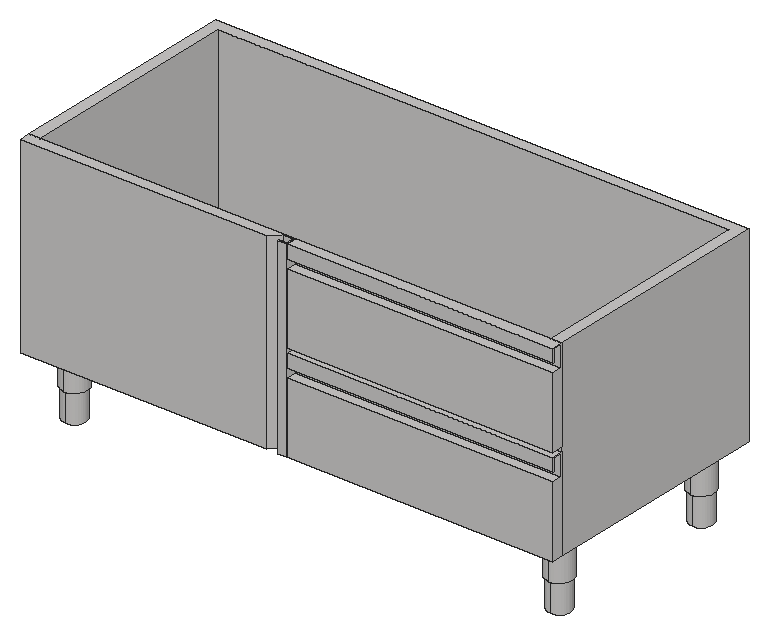
Revit family "QF_GIORIK_SUL1260", category Specialty Equipment, Revit 2014
Parameters (values of type "SUL1260")
  Weight in Pounds = 0
  URL Cutsheet = "www.giorik.com"
  URL = "www.giorik.com"
  Status [instance] = ""
  Specification by User [instance] = ""
  Specification by Manufacturer = ""
  Show Logo [instance] = yes
  Show Clearance [instance] = yes
  Serial Number = ""
  Seismic Rating = ""
  SMACNA No = ""
  Revision Code [instance] = ""
  NAFEM Spec ID Number = ""
  Model = "SUL1260"
  Masterspec = ""
  Manufacturer = "GIORIK"
  Item Number [instance] = ""
  Installed By [instance] = ""
  Identify Quantity as Lot [instance] = no
  Furnished By [instance] = ""
  Foodservice Equipment Identifier [instance] = yes
  Description = "NEUTRAL CUPBOARD WITH SHELF WITH 2 DRAWERS L=1200"
  CSI MasterFormat = ""
  Assembly Code = "E1090320"
Reference planes
  plane 1 "Back": y = 0
  plane 2: z = 0
  plane 3 "Left": x = 0
  plane 4 "Right": x = 1200
  plane 5 "Front": y = -600
  plane 6 "Top": z = 580
Forms (mm)
  Extrusion 1, solid
    sketch origin (-16, 1016.81, 0) x (1, 0, 0) y (0, 1, 0)
      loop
        line (25, -1086.81) -> (25, -1156.81) -> (115, -1156.81) -> (115, -1086.81) -> (25, -1086.81)
    from 148 to 150
  Extrusion 2, solid
    sketch origin (1216, 1016.81, 0) x (-1, 0, 0) y (0, -1, 0)
      loop
        line (25, 1086.81) -> (115, 1086.81) -> (115, 1156.81) -> (25, 1156.81) -> (25, 1086.81)
    from 148 to 150
  Extrusion 3, solid
    sketch origin (0, -40, 599.536) x (1, 0, 0) y (0, 1, 0)
      loop
        line (0, -525) -> (25, -525) -> (25, -25) -> (1175, -25) -> (1175, -525) -> (1200, -525) -> (1200, 0) -> (0, 0) -> (0, -525)
    from -449.536 to -19.536
  Extrusion 4, solid
    sketch origin (0, -40, 0) x (1, 0, 0) y (0, 1, 0)
      loop
        line (25, -25) -> (25, -525) -> (1175, -525) -> (1175, -25) -> (25, -25)
    from 150 to 175
  Extrusion 5, solid
    sketch origin (-16, 616.81, 0) x (1, 0, 0) y (0, 1, 0)
      loop
        line (25, -1086.81) -> (25, -1156.81) -> (115, -1156.81) -> (115, -1086.81) -> (25, -1086.81)
    from 148 to 150
  Revolve 6, solid
    sketch origin (54, 616.81, 0) x (0, 1, 0) y (0, 0, 1)
      loop
        line (-1092.56, 66) -> (-1092.56, 148) -> (-1121.81, 148) -> (-1121.81, 0) -> (-1096.81, 0) -> (-1096.81, 66) -> (-1092.56, 66)
      axis (-1121.81, 0) -> (-1121.81, 148)
    angle from 0 to 360
  Revolve 7, solid
    sketch origin (1146, 616.81, 0) x (0, 1, 0) y (0, 0, 1)
      loop
        line (-1092.56, 66) -> (-1092.56, 148) -> (-1121.81, 148) -> (-1121.81, 0) -> (-1096.81, 0) -> (-1096.81, 66) -> (-1092.56, 66)
      axis (-1121.81, 0) -> (-1121.81, 148)
    angle from 0 to 360
  Revolve 8, solid
    sketch origin (1146, 1016.81, 0) x (0, 1, 0) y (0, 0, 1)
      loop
        line (-1092.56, 66) -> (-1092.56, 148) -> (-1121.81, 148) -> (-1121.81, 0) -> (-1096.81, 0) -> (-1096.81, 66) -> (-1092.56, 66)
      axis (-1121.81, 0) -> (-1121.81, 148)
    angle from 0 to 360
  Revolve 9, solid
    sketch origin (54, 1016.81, 0) x (0, 1, 0) y (0, 0, 1)
      loop
        line (-1092.56, 66) -> (-1092.56, 148) -> (-1121.81, 148) -> (-1121.81, 0) -> (-1096.81, 0) -> (-1096.81, 66) -> (-1092.56, 66)
      axis (-1121.81, 0) -> (-1121.81, 148)
    angle from 0 to 360
  Extrusion 10, solid
    sketch origin (1216, 616.81, 0) x (-1, 0, 0) y (0, -1, 0)
      loop
        line (25, 1086.81) -> (115, 1086.81) -> (115, 1156.81) -> (25, 1156.81) -> (25, 1086.81)
    from 148 to 150
  Extrusion 11, solid
    sketch origin (700, 0, -67.327) x (0, 1, 0) y (0, 0, 1)
      loop
        line (-565, 437.327) -> (-565, 647.327) -> (-590, 647.327) -> (-590, 617.327) -> (-588, 617.327) -> (-588, 645.327) -> (-567, 645.327) -> (-567, 597.327) -> (-590, 597.327) -> (-590, 437.327) -> (-565, 437.327)
    from -100 to 500
  Extrusion 12, solid
    sketch origin (700, 0, -287.327) x (0, 1, 0) y (0, 0, 1)
      loop
        line (-565, 437.327) -> (-565, 647.327) -> (-590, 647.327) -> (-590, 617.327) -> (-588, 617.327) -> (-588, 645.327) -> (-567, 645.327) -> (-567, 597.327) -> (-590, 597.327) -> (-590, 437.327) -> (-565, 437.327)
    from -100 to 500
  Extrusion 13, solid, visible <- "Show Clearance", detail levels coarse
    sketch origin (832.284, 95, -40) x (0, 1, 0) y (0, 0, 1)
      loop
        line (-685, 410) -> (-685, 620) -> (-1210, 620) -> (-1210, 410) -> (-685, 410)
    from -232.284 to 367.716
  Extrusion 14, solid, visible <- "Show Clearance", detail levels coarse
    sketch origin (832.284, 95, -260) x (0, 1, 0) y (0, 0, 1)
      loop
        line (-685, 410) -> (-685, 620) -> (-1210, 620) -> (-1210, 410) -> (-685, 410)
    from -232.284 to 367.716
  Extrusion 15, solid, visible <- "Show Clearance", detail levels coarse
    sketch origin (105, -462.861, -10) x (1, 0, 0) y (0, 1, 0)
      loop
        line (-105, -127.139) -> (-105, -727.139)
        arc (-105, -727.139) -> (319.264, -551.403) -> (495, -127.139) r 600
        line (495, -127.139) -> (-105, -127.139)
    from 160 to 590
  Extrusion 16, solid
    sketch origin (605, -2, 1020) x (0, 1, 0) y (-1, 0, 0)
      loop
        line (-563, 5) -> (-563, 605) -> (-588, 605) -> (-588, 50) -> (-566.303, 30.855) -> (-566.303, 8) -> (-585, 8) -> (-585, 25) -> (-588, 25) -> (-588, 5) -> (-563, 5)
    from -870 to -440
Lines and regions (mm)
  symbolic lines, style "200-EquipHidden-2D", visible <- "Show Clearance", detail levels coarse
    curve 1: line (0, -40, 580) -> (1200, -40, 580)
    curve 2: line (0, -590, 580) -> (0, -40, 580)
    curve 3: line (1200, -590, 580) -> (0, -590, 580)
    curve 4: line (1200, -40, 580) -> (1200, -590, 580)
  symbolic lines, style "QF_Door-Drawer Clearances", visible <- "Show Clearance", detail levels coarse
    curve 5: line (600, -600, 580) -> (600, -1115, 580)
    curve 6: line (600, -1115, 580) -> (1200, -1115, 580)
    curve 7: line (1200, -1115, 580) -> (1200, -600, 580)
    curve 8: line (0, -600, 580) -> (0, -1190, 580)
    curve 9: arc (0, -1190, 580) -> (424.264, -1014.264, 580) -> (600, -590, 580) r 600
Dimensions and locks
  plane 3 "Left" to plane 4 "Right" = 1200 mm
  plane 5 "Front" to plane 1 "Back" = 600 mm
  plane 4 "Right" to plane 3 "Left" = 1200 mm
  plane 1 "Back" to plane 5 "Front" = 600 mm
  plane 6 "Top" to level = 580 mm  (x2)
  aligned and locked: level to plane 2
